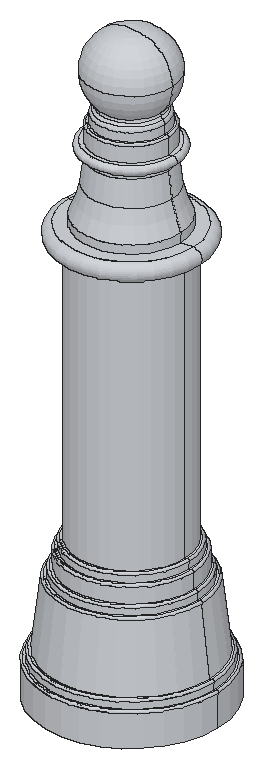
Revit family
Parameters (values of type "SBS-007.5")
  URL = "www.strombergarchitectural.com"
  Top Material = GFRC
  Submittal Sheet = "www.strombergarchitectural.com/images/materials/gfrc/submittal/gfrc-submittal-sheet.pdf"
  Specifications = "www.strombergarchitectural.com/gfrcspecifications"
  Model Cut-sheet = "www.strombergarchitectural.com/products/bollards/design/sbs-007"
  Model = "SBS-007"
  Manufacturer = "Stromberg Architectural Products"
  Guidebook = "www.strombergarchitectural.com/images/materials/gfrc/handbooks/gfrc_guidebook.pdf"
  Frame Material = none
  Width = "1'  2\""
  Description = "GFRC Bollard"
  Assembly Code = ""
  Height = 4' - 0"
  007.5 = yes
  007.4 = no
  007.3 = no
  007.2 = no
  007.1 = no
Types (6): name | Width | Height | 007.5 | 007.4 | 007.3 | 007.2 | 007.1
  (no name) | "1'  2\"" | 4' - 0" | yes | no | no | no | no
  SBS-007.1 | "0'  7\"" | 2' - 0" | no | no | no | no | yes
  SBS-007.2 | "0'  9\"" | 2' - 6" | no | no | no | yes | no
  SBS-007.3 | "0'  10\"" | 3' - 0" | no | no | yes | no | no
  SBS-007.4 | "1'  0\"" | 3' - 6" | no | yes | no | no | no
  SBS-007.5 | "1'  2\"" | 4' - 0" | yes | no | no | no | no
Reference planes (in)
  plane 1 "Center (Front/Back)": y = 3.74847
  plane 2: z = 0
  plane 3 "Center (Left/Right)": x = 0.7278
  plane 4 "Front": y = -3.25153
  plane 5 "Back": y = 10.74847
  plane 6 "Left": x = -17.2722
  plane 7 "Right": x = 17.7278
Forms (in)
  Revolve 1, solid, visible <- "007.1"
    sketch origin (0, 3.74847, 0) x (1, 0, 0) y (0, 0, 1)
      loop
        arc (0.7278, 23.99071) -> (-0.42468, 23.63056) -> (-0.93839, 22.53785) r 1.5
        arc (-0.93839, 22.53785) -> (-0.81927, 21.91307) -> (-0.45196, 21.39381) r 1.5
        arc (-0.45196, 21.39381) -> (-0.43894, 21.32991) -> (-0.45196, 21.266) r 0.16333
        arc (-0.45196, 21.266) -> (-0.48567, 21.208) -> (-0.53164, 21.15915) r 0.29415
        arc (-0.53164, 21.15915) -> (-0.58616, 21.08773) -> (-0.60553, 21) r 0.20833
        line (-0.60553, 21) -> (-0.60553, 20.66667) -> (-0.70553, 20.66667)
        arc (-0.70553, 20.66667) -> (-0.75267, 20.64714) -> (-0.7722, 20.6) r 0.06667
        line (-0.7722, 20.6) -> (-0.7722, 20) -> (-0.93887, 20)
        arc (-0.93887, 20) -> (-1.10553, 19.83333) -> (-0.93887, 19.66667) r 0.16667
        line (-0.93887, 19.66667) -> (-0.7722, 19.66667) -> (-0.7722, 19.42327)
        arc (-0.7722, 19.42327) -> (-0.80795, 18.92844) -> (-0.89135, 18.43939) r 5.12796
        arc (-0.89135, 18.43939) -> (-1.05013, 17.87547) -> (-1.2722, 17.33333) r 5.12796
        line (-1.2722, 17.33333) -> (-1.2722, 17) -> (-1.7722, 17)
        arc (-1.7722, 17) -> (-2.10553, 16.66667) -> (-1.7722, 16.33333) r 0.33333
        line (-1.7722, 16.33333) -> (-1.43887, 16.33333) -> (-1.43887, 5.66667) -> (-1.52553, 5.66667)
        arc (-1.52553, 5.66667) -> (-1.5821, 5.64324) -> (-1.60553, 5.58667) r 0.08
        line (-1.60553, 5.58667) -> (-1.60553, 5.33333) -> (-1.6922, 5.33333)
        arc (-1.6922, 5.33333) -> (-1.74877, 5.3099) -> (-1.7722, 5.25333) r 0.08
        line (-1.7722, 5.25333) -> (-1.7722, 4.66667) -> (-1.85887, 4.66667)
        arc (-1.85887, 4.66667) -> (-1.91543, 4.64324) -> (-1.93887, 4.58667) r 0.08
        line (-1.93887, 4.58667) -> (-1.93887, 4.33146) -> (-2.0521, 4.33146)
        arc (-2.0521, 4.33146) -> (-2.10013, 4.31157) -> (-2.12002, 4.26355) r 0.06792
        line (-2.12002, 4.26355) -> (-2.43947, 1.66184) -> (-2.55289, 1.66184)
        arc (-2.55289, 1.66184) -> (-2.59107, 1.63255) -> (-2.60553, 1.58667) r 0.08
        line (-2.60553, 1.58667) -> (-2.60553, 1.33333) -> (-2.6922, 1.33333)
        arc (-2.6922, 1.33333) -> (-2.74877, 1.3099) -> (-2.7722, 1.25333) r 0.08
        line (-2.7722, 1.25333) -> (-2.7722, 0) -> (0.7278, 0) -> (0.7278, 23.99071)
      axis (0.7278, 23.99071) -> (0.7278, 0)
    angle from 0 to 360
  Revolve 2, solid, visible <- "007.2"
    sketch origin (0, 3.74847, 0) x (1, 0, 0) y (0, 0, 1)
      loop
        arc (0.7278, 29.97013) -> (-0.78949, 29.57891) -> (-1.47994, 28.17231) r 1.875
        arc (-1.47994, 28.17231) -> (-1.33104, 27.39134) -> (-0.8719, 26.74227) r 1.875
        arc (-0.8719, 26.74227) -> (-0.85562, 26.66238) -> (-0.8719, 26.5825) r 0.20416
        arc (-0.8719, 26.5825) -> (-0.91294, 26.51049) -> (-0.96989, 26.45029) r 0.34673
        arc (-0.96989, 26.45029) -> (-1.0392, 26.36062) -> (-1.06387, 26.25) r 0.26042
        line (-1.06387, 26.25) -> (-1.06387, 25.83333) -> (-1.18887, 25.83333)
        arc (-1.18887, 25.83333) -> (-1.24779, 25.80893) -> (-1.2722, 25.75) r 0.08333
        line (-1.2722, 25.75) -> (-1.2722, 25) -> (-1.48053, 25)
        arc (-1.48053, 25) -> (-1.68887, 24.79167) -> (-1.48053, 24.58333) r 0.20833
        line (-1.48053, 24.58333) -> (-1.2722, 24.58333) -> (-1.2722, 24.27908)
        arc (-1.2722, 24.27908) -> (-1.31689, 23.66056) -> (-1.42114, 23.04924) r 6.40994
        arc (-1.42114, 23.04924) -> (-1.61962, 22.34433) -> (-1.8972, 21.66667) r 6.40994
        line (-1.8972, 21.66667) -> (-1.8972, 21.25) -> (-2.5222, 21.25)
        arc (-2.5222, 21.25) -> (-2.93887, 20.83333) -> (-2.5222, 20.41667) r 0.41667
        line (-2.5222, 20.41667) -> (-2.10553, 20.41667) -> (-2.10553, 7.08333) -> (-2.21387, 7.08333)
        arc (-2.21387, 7.08333) -> (-2.28458, 7.05404) -> (-2.31387, 6.98333) r 0.1
        line (-2.31387, 6.98333) -> (-2.31387, 6.66667) -> (-2.4222, 6.66667)
        arc (-2.4222, 6.66667) -> (-2.49291, 6.63738) -> (-2.5222, 6.56667) r 0.1
        line (-2.5222, 6.56667) -> (-2.5222, 5.83333) -> (-2.63053, 5.83333)
        arc (-2.63053, 5.83333) -> (-2.70124, 5.80404) -> (-2.73053, 5.73333) r 0.1
        line (-2.73053, 5.73333) -> (-2.73053, 5.41667) -> (-2.8519, 5.41667)
        arc (-2.8519, 5.41667) -> (-2.92795, 5.38516) -> (-2.95946, 5.30911) r 0.10756
        line (-2.95946, 5.30911) -> (-3.35553, 2.08333) -> (-3.45517, 2.08333)
        arc (-3.45517, 2.08333) -> (-3.52933, 2.07357) -> (-3.56387, 2.00722) r 0.081
        line (-3.56387, 2.00722) -> (-3.56387, 1.66667) -> (-3.6722, 1.66667)
        arc (-3.6722, 1.66667) -> (-3.74291, 1.63738) -> (-3.7722, 1.56667) r 0.1
        line (-3.7722, 1.56667) -> (-3.7722, 0) -> (0.7278, 0) -> (0.7278, 29.97013)
      axis (0.7278, 0) -> (0.7278, 29.97013)
    angle from 0 to 360
  Revolve 3, solid, visible <- "007.3"
    sketch origin (0, 3.74847, 0) x (1, 0, 0) y (0, 0, 1)
      loop
        arc (0.7278, 35.99593) -> (-0.86319, 35.33692) -> (-1.5222, 33.74593) r 2.25
        arc (-1.5222, 33.74593) -> (-1.32828, 32.83549) -> (-0.7802, 32.08307) r 2.23428
        arc (-0.7802, 32.08307) -> (-0.77802, 31.98988) -> (-0.79881, 31.899) r 0.37642
        arc (-0.79881, 31.899) -> (-0.84418, 31.81184) -> (-0.91057, 31.73939) r 0.37642
        arc (-0.91057, 31.73939) -> (-0.99292, 31.63207) -> (-1.0222, 31.5) r 0.3125
        line (-1.0222, 31.5) -> (-1.0222, 31) -> (-1.1722, 31)
        arc (-1.1722, 31) -> (-1.24291, 30.97071) -> (-1.2722, 30.9) r 0.1
        line (-1.2722, 30.9) -> (-1.2722, 30) -> (-1.5222, 30)
        arc (-1.5222, 30) -> (-1.7722, 29.75) -> (-1.5222, 29.5) r 0.25
        line (-1.5222, 29.5) -> (-1.2722, 29.5) -> (-1.2722, 29.1349)
        arc (-1.2722, 29.1349) -> (-1.32583, 28.39267) -> (-1.45093, 27.65909) r 7.69193
        arc (-1.45093, 27.65909) -> (-1.6891, 26.8132) -> (-2.0222, 26) r 7.69193
        line (-2.0222, 26) -> (-2.0222, 25.5) -> (-2.7722, 25.5)
        arc (-2.7722, 25.5) -> (-3.2722, 25) -> (-2.7722, 24.5) r 0.5
        line (-2.7722, 24.5) -> (-2.2722, 24.5) -> (-2.2722, 8.5) -> (-2.4022, 8.5)
        arc (-2.4022, 8.5) -> (-2.48705, 8.46485) -> (-2.5222, 8.38) r 0.12
        line (-2.5222, 8.38) -> (-2.5222, 8) -> (-2.6522, 8)
        arc (-2.6522, 8) -> (-2.73705, 7.96485) -> (-2.7722, 7.88) r 0.12
        line (-2.7722, 7.88) -> (-2.7722, 7) -> (-2.9022, 7)
        arc (-2.9022, 7) -> (-2.98705, 6.96485) -> (-3.0222, 6.88) r 0.12
        line (-3.0222, 6.88) -> (-3.0222, 6.5) -> (-3.18022, 6.5)
        arc (-3.18022, 6.5) -> (-3.25455, 6.46921) -> (-3.28534, 6.39488) r 0.10512
        line (-3.28534, 6.39488) -> (-3.7722, 2.5) -> (-3.9022, 2.5)
        arc (-3.9022, 2.5) -> (-3.98705, 2.46485) -> (-4.0222, 2.38) r 0.12
        line (-4.0222, 2.38) -> (-4.0222, 2) -> (-4.1522, 2)
        arc (-4.1522, 2) -> (-4.23705, 1.96485) -> (-4.2722, 1.88) r 0.12
        line (-4.2722, 1.88) -> (-4.2722, 0) -> (0.7278, 0) -> (0.7278, 35.99593)
      axis (0.7278, 0) -> (0.7278, 35.99593)
    angle from 0 to 360
  Revolve 4, solid, visible <- "007.4"
    sketch origin (0, 3.74847, 0) x (1, 0, 0) y (0, 0, 1)
      loop
        arc (0.7278, 41.9947) -> (-1.21083, 41.31169) -> (-2.06303, 39.44124) r 2.625
        arc (-2.06303, 39.44124) -> (-1.85457, 38.34787) -> (-1.21178, 37.43918) r 2.625
        arc (-1.21178, 37.43918) -> (-1.18899, 37.32734) -> (-1.21178, 37.2155) r 0.28582
        arc (-1.21178, 37.2155) -> (-1.2693, 37.11466) -> (-1.34907, 37.03031) r 0.4867
        arc (-1.34907, 37.03031) -> (-1.44603, 36.90481) -> (-1.48053, 36.75) r 0.36458
        line (-1.48053, 36.75) -> (-1.48053, 36.16667) -> (-1.65553, 36.16667)
        arc (-1.65553, 36.16667) -> (-1.73803, 36.1325) -> (-1.7722, 36.05) r 0.11667
        line (-1.7722, 36.05) -> (-1.7722, 35) -> (-2.06387, 35)
        arc (-2.06387, 35) -> (-2.35553, 34.70833) -> (-2.06387, 34.41667) r 0.29167
        line (-2.06387, 34.41667) -> (-1.7722, 34.41667) -> (-1.7722, 33.99072)
        arc (-1.7722, 33.99072) -> (-1.83477, 33.12478) -> (-1.98072, 32.26894) r 8.97392
        arc (-1.98072, 32.26894) -> (-2.25858, 31.28207) -> (-2.6472, 30.33333) r 8.97392
        line (-2.6472, 30.33333) -> (-2.6472, 29.75) -> (-3.5222, 29.75)
        arc (-3.5222, 29.75) -> (-4.10553, 29.16667) -> (-3.5222, 28.58333) r 0.58333
        line (-3.5222, 28.58333) -> (-2.93887, 28.58333) -> (-2.93887, 9.91667) -> (-3.09053, 9.91667)
        arc (-3.09053, 9.91667) -> (-3.18953, 9.87566) -> (-3.23053, 9.77667) r 0.14
        line (-3.23053, 9.77667) -> (-3.23053, 9.33333) -> (-3.3822, 9.33333)
        arc (-3.3822, 9.33333) -> (-3.48119, 9.29233) -> (-3.5222, 9.19333) r 0.14
        line (-3.5222, 9.19333) -> (-3.5222, 8.16667) -> (-3.67387, 8.16667)
        arc (-3.67387, 8.16667) -> (-3.77286, 8.12566) -> (-3.81387, 8.02667) r 0.14
        line (-3.81387, 8.02667) -> (-3.81387, 7.58333) -> (-3.94572, 7.58333)
        arc (-3.94572, 7.58333) -> (-4.06051, 7.56089) -> (-4.12086, 7.4607) r 0.14414
        line (-4.12086, 7.4607) -> (-4.68887, 2.91667) -> (-4.84053, 2.91667)
        arc (-4.84053, 2.91667) -> (-4.93953, 2.87566) -> (-4.98053, 2.77667) r 0.14
        line (-4.98053, 2.77667) -> (-4.98053, 2.33333) -> (-5.1322, 2.33333)
        arc (-5.1322, 2.33333) -> (-5.23119, 2.29233) -> (-5.2722, 2.19333) r 0.14
        line (-5.2722, 2.19333) -> (-5.2722, 0) -> (0.7278, 0) -> (0.7278, 41.9947)
      axis (0.7278, 0) -> (0.7278, 41.9947)
    angle from 0 to 360
  Revolve 5, solid, visible <- "007.5"
    sketch origin (0, 3.74847, 0) x (1, 0, 0) y (0, 0, 1)
      loop
        arc (0.7278, 47.98142) -> (-1.60827, 47.23362) -> (-2.60552, 44.99265) r 3
        arc (-2.60552, 44.99265) -> (-2.34617, 43.77979) -> (-1.61838, 42.77549) r 3
        arc (-1.61838, 42.77549) -> (-1.60761, 42.6524) -> (-1.63541, 42.532) r 0.39494
        arc (-1.63541, 42.532) -> (-1.69965, 42.4161) -> (-1.79003, 42.31919) r 0.54367
        arc (-1.79003, 42.31919) -> (-1.89983, 42.17609) -> (-1.93887, 42) r 0.41667
        line (-1.93887, 42) -> (-1.93887, 41.33333) -> (-2.13887, 41.33333)
        arc (-2.13887, 41.33333) -> (-2.23315, 41.29428) -> (-2.2722, 41.2) r 0.13333
        line (-2.2722, 41.2) -> (-2.2722, 40) -> (-2.60553, 40)
        arc (-2.60553, 40) -> (-2.93887, 39.66667) -> (-2.60553, 39.33333) r 0.33333
        line (-2.60553, 39.33333) -> (-2.2722, 39.33333) -> (-2.2722, 38.84653)
        arc (-2.2722, 38.84653) -> (-2.3437, 37.85689) -> (-2.51051, 36.87879) r 10.25591
        arc (-2.51051, 36.87879) -> (-2.82807, 35.75094) -> (-3.2722, 34.66667) r 10.25591
        line (-3.2722, 34.66667) -> (-3.2722, 34) -> (-4.2722, 34)
        arc (-4.2722, 34) -> (-4.93887, 33.33333) -> (-4.2722, 32.66667) r 0.66667
        line (-4.2722, 32.66667) -> (-3.60553, 32.66667) -> (-3.60553, 11.33333) -> (-3.77887, 11.33333)
        arc (-3.77887, 11.33333) -> (-3.892, 11.28647) -> (-3.93887, 11.17333) r 0.16
        line (-3.93887, 11.17333) -> (-3.93887, 10.66667) -> (-4.1122, 10.66667)
        arc (-4.1122, 10.66667) -> (-4.22534, 10.6198) -> (-4.2722, 10.50667) r 0.16
        line (-4.2722, 10.50667) -> (-4.2722, 9.33333) -> (-4.44553, 9.33333)
        arc (-4.44553, 9.33333) -> (-4.55867, 9.28647) -> (-4.60553, 9.17333) r 0.16
        line (-4.60553, 9.17333) -> (-4.60553, 8.66667) -> (-4.81623, 8.66667)
        arc (-4.81623, 8.66667) -> (-4.91534, 8.62562) -> (-4.95639, 8.52651) r 0.14015
        line (-4.95639, 8.52651) -> (-5.60553, 3.33333) -> (-5.77887, 3.33333)
        arc (-5.77887, 3.33333) -> (-5.892, 3.28647) -> (-5.93887, 3.17333) r 0.16
        line (-5.93887, 3.17333) -> (-5.93887, 2.66667) -> (-6.1122, 2.66667)
        arc (-6.1122, 2.66667) -> (-6.22534, 2.6198) -> (-6.2722, 2.50667) r 0.16
        line (-6.2722, 2.50667) -> (-6.2722, 0) -> (0.7278, 0) -> (0.7278, 47.98142)
      axis (0.7278, 0) -> (0.7278, 47.98142)
    angle from 0 to 360
